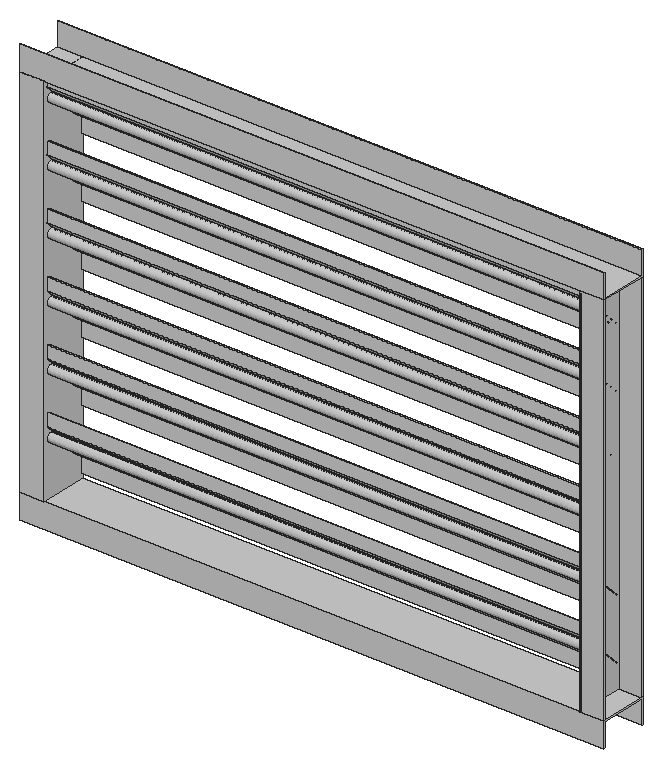
Revit family
Parameters (values of type "SBE-245")
  Width Control = if(Width < Min Width, Min Width, if(Width > Max Width, Max Width, Width))  # 2' - 0"
  Width = 2' - 0"
  Warranty = "http://www.alllite-louvers.com/All-Lite_Warranty.pdf"
  URL = "http://www.alllite-louvers.com/"
  Specifications = "http://www.alllite-louvers.com/catalog/ASBE-245-csi-specification.doc"
  Product URL = "http://www.alllite-louvers.com/catalog.php?model=SBE-245"
  Pressure Loss @ Beginning Point of Water Penetration = "0.08 in. wg."  # constant formula
  Omni Class Title = "Exterior Louvers & Grilles"  # constant formula
  Omni Class Code = "23-60 11 17"  # constant formula
  Mullion = "Visible"  # constant formula
  Maximum Size - Multiple Sections = "Unlimited"  # constant formula
  Free Area Velocity @ Beginning Point of Water Penetration = "383 fpm"  # constant formula
  Free Area = "[48'' x 48'' uniy] : 6.6 ft² 41%"  # constant formula
  Design Load = "30 psf"  # constant formula
  Screen = "1/2'' x .063'' expanded and flattened aluminum"  # constant formula
  Model = "SBE-245"  # constant formula
  Minimum Size = "12'' x 12''"  # constant formula
  Min Width = 1' - 0"  # constant formula
  Min Height = 1' - 0"  # constant formula
  Maximum Size - Single Section = "36'' x 120''"  # constant formula
  Max Width = 3' - 0"  # constant formula
  Max Height = 10' - 0"  # constant formula
  Manufacturer = "All-Lite"  # constant formula
  Louver Count = (Height Control - 0' 2 3/4") / 0' 2 1/2"  # 6
  Louver = Galvannealed Steel
  Height Control = if(Height < Min Height, Min Height, if(Height > Max Height, Max Height, Height))  # 1' - 5 1/2"
  Height = 1' - 5 1/2"
  Frame = "2'' deep x 20 ga thick channel"  # constant formula
  Default Height = 4' - 0"
  Cut Sheet = "http://www.alllite-louvers.com/catalog/ASBE245.pdf"
  Blades = "45° x 20 ga thick J-style BD-exhaust"  # constant formula
  Blade Width = Width Control - 0' 2"  # 1' - 10"
  Blade Height = Height Control - 0' 8 5/16" + 0' 0 235/256"  # 0' - 10 27/256"
  Assembly Code = "B2010300"
  Air Volume Delivered @ Beginning Point of Water Penetration = "2,528 cfm"  # constant formula
  95 CSI = "10200"  # constant formula
  04 CSI = "08 91 00"  # constant formula
Reference planes (in)
  plane 1: y = 0
  plane 2 "Center (Left/Right)": x = 0
  plane 3 "Wall Edge": y = 6
  plane 4: z = 48
  plane 5: x = 12
  plane 6: x = -12
  plane 7: z = 65.5
  plane 8 "blade": y = 4.125
  plane 9 "blade start": z = 50.75
  plane 10: z = 62.75
Forms (in)
  Sweep 1, solid, material "Galvannealed Steel" <- "Louver"
    path origin (0, 6, 96) x (1, 0, 0) y (0, 0, -1)
      loop
        line (12, 48) -> (-12, 48)
    profile "245 frameprofile : 245 frameprofile" origin (0, 6, 48) x (0, 0, -1) y (0, -1, 0)
      loop
        line (-1, 0) -> (0, 0) -> (0, 0.03906) -> (-0.96094, 0.03906) -> (-0.96094, 1.96094) -> (0, 1.96094) -> (0, 2) -> (-1, 2) -> (-1, 0)
  Sweep 2, solid, material "Galvannealed Steel" <- "Louver"
    path origin (0, 6, 0) x (1, 0, 0) y (0, 0, 1)
      loop
        line (-12, 65.5) -> (12, 65.5)
    profile "245 frameprofile : 245 frameprofile" origin (0, 6, 65.5) x (0, 0, 1) y (0, -1, 0)
      loop
        line (-1, 2) -> (-1, 0) -> (0, 0) -> (0, 0.03906) -> (-0.96094, 0.03906) -> (-0.96094, 1.96094) -> (0, 1.96094) -> (0, 2) -> (-1, 2)
  Sweep 3, solid, material "Galvannealed Steel" <- "Louver"
    path origin (0, 6, 0) x (1, 0, 0) y (0, 0, 1)
      loop
        line (12, 64.5) -> (12, 49)
    profile "245 frameprofile : 245 frameprofile" origin (12, 6, 56.75) x (1, 0, 0) y (0, -1, 0)
      loop
        line (-1, 2) -> (-1, 0) -> (0, 0) -> (0, 0.03906) -> (-0.96094, 0.03906) -> (-0.96094, 1.96094) -> (0, 1.96094) -> (0, 2) -> (-1, 2)
  Sweep 4, solid, material "Galvannealed Steel" <- "Louver"
    path origin (0, 6, 0) x (-1, 0, 0) y (0, 0, 1)
      loop
        line (12, 64.5) -> (12, 49)
    profile "245 frameprofile : 245 frameprofile" origin (-12, 6, 56.75) x (1, 0, 0) y (0, -1, 0)
      loop
        line (1, 0) -> (1, 2) -> (0, 2) -> (0, 1.96094) -> (0.96094, 1.96094) -> (0.96094, 0.03906) -> (0, 0.03906) -> (0, 0) -> (1, 0)
Lines and regions (in)
  Opening 1
    outline origin (-60, -6, 0) x (1, 0, 0) y (0, 0, 1)
      loop
        line (72, 65.5) -> (48, 65.5) -> (48, 48) -> (72, 48) -> (72, 65.5)
Text (in)
  text "Placement Side" at (0, 40.15149, 123.01588), in view "Right"
  text "Placement Side" at (-70.3804, 28.46503, 0), in view "Ref. Level"
  text "Placement Side" at (0, 81.62555, 140.59947), in view "Left"
Dimensions and locks (in)
  locked: plane 3 "Wall Edge" to host wall
  "Default Height": level to plane 4
  "Height Control": plane 4 to plane 7
  equal spacing: plane 6, plane 2 "Center (Left/Right)", plane 5
  "Width Control": plane 6 to plane 5
  locked: plane 4 to plane 9 "blade start" at 2.75
  plane 10 to plane 7 = 0' - 2 3/4"
  equal spacing: group 1, group 2, group 3, group 4, group 5, group 6  (x3)
  aligned and locked: plane 7 to Opening 1 sketch curve
  aligned and locked: Opening 1 sketch curve to plane 5
  aligned and locked: Opening 1 sketch curve to plane 4
  aligned and locked: plane 6 to Opening 1 sketch curve
  aligned and locked: Sweep 1 sketch curve to plane 4
  aligned and locked: plane 5 to Sweep 1 sketch curve
  aligned and locked: plane 6 to Sweep 1 sketch curve
  aligned and locked: plane 7 to Sweep 2 sketch curve
  aligned and locked: plane 5 to Sweep 2 sketch curve
  aligned and locked: plane 6 to Sweep 2 sketch curve
  aligned and locked: Sweep 3 sketch curve to Sweep 2
  aligned and locked: Sweep 1 to Sweep 3 sketch curve
  aligned and locked: Sweep 3 sketch curve to plane 5
  aligned and locked: Sweep 1 to Sweep 4 sketch curve
  aligned and locked: plane 9 "blade start" to nested 1
  aligned and locked: Sweep 4 sketch curve to Sweep 2
Automatic sketch dimensions
  plane 6 to Sweep 4 sketch curve = 0' - 0"
Nested families (in)
  nested 1: "245 blade" at (0, 4.125, 50.75) x (1, 0, 0) z (0, 1, 0), type "245 blade"
    with W 1' - 10"
  nested 2: "245 blade" at (0, 4.125, 53.25) x (1, 0, 0) z (0, 1, 0), type "245 blade"
    with W 1' - 10"
  nested 3: "245 blade" at (0, 4.125, 55.75) x (1, 0, 0) z (0, 1, 0), type "245 blade"
    with W 1' - 10"
  nested 4: "245 blade" at (0, 4.125, 58.25) x (1, 0, 0) z (0, 1, 0), type "245 blade"
    with W 1' - 10"
  nested 5: "245 blade" at (0, 4.125, 60.75) x (1, 0, 0) z (0, 1, 0), type "245 blade"
    with W 1' - 10"
  nested 6: "245 blade" at (0, 4.125, 63.25) x (1, 0, 0) z (0, 1, 0), type "245 blade"
    with W 1' - 10"
Definition of nested family "245 blade"
  Parameters (values of type "245 blade")
    W = 3' - 0"
    Louver = Mill finish, 6063-T5 Extruded Aluminum
    Default Elevation = 4' - 0"
  Reference planes (in)
    plane 1 "Center (Front/Back)": y = 0
    plane 2: z = 0
    plane 3 "Center (Left/Right)": x = 0
    plane 4: x = -18
    plane 5: x = 18
    plane 6: y = -0.98997
  Forms (in)
    Extrusion 1, solid
      sketch origin (0, 0, 0) x (1, 0, 0) y (0, 1, 0)
        loop
          line (-48, 48) -> (-48, -48) -> (48, -48) -> (48, 48) -> (-48, 48)
      from 0 to -12
    Sweep 2, solid, material "Mill finish, 6063-T5 Extruded Aluminum" <- "Louver"
      path origin (0, 1.51003, 0.89675) x (1, 0, 0) y (0, 0, 1)
        loop
          line (-18, -0.89675) -> (18, -0.89675)
      profile origin (0, 1.51003, 0) x (0, 0, 1) y (0, -1, 0)
        loop
          line (1.81356, 0) -> (1.81356, 0.7255) -> (0.03906, 2.5) -> (0.03906, 3) -> (0, 3) -> (0, 2.48382) -> (0.25165, 2.23217)
          arc (0.25165, 2.23217) -> (0.25362, 2.2171) -> (0.23955, 2.21133) r 0.01247
          arc (0.23955, 2.21133) -> (0.02302, 2.10447) -> (0.10292, 1.8766) r 0.18211
          arc (0.10292, 1.8766) -> (0.55576, 1.60211) -> (0.98757, 1.29559) r 7.31664
          arc (0.98757, 1.29559) -> (1.18666, 1.12046) -> (1.3602, 0.91997) r 1.9531
          line (1.3602, 0.91997) -> (1.3914, 0.94347)
          arc (1.3914, 0.94347) -> (1.21439, 1.14797) -> (1.01132, 1.3266) r 1.99217
          arc (1.01132, 1.3266) -> (0.62374, 1.60395) -> (0.21901, 1.85561) r 7.3557
          arc (0.21901, 1.85561) -> (0.34245, 1.9336) -> (0.36892, 2.07719) r 0.18211
          arc (0.36892, 2.07719) -> (0.37595, 2.09307) -> (0.39315, 2.09067) r 0.01442
          line (0.39315, 2.09067) -> (1.7745, 0.70932) -> (1.7745, 0) -> (1.81356, 0)
        loop
          circle (0.19162, 2.03565) r 0.14304
  Dimensions and locks (in)
    equal spacing: plane 5, plane 3 "Center (Left/Right)", plane 4
    "W": plane 5 to plane 4
    aligned and locked: plane 2 to Extrusion 1
    aligned and locked: level to Extrusion 1
  Automatic sketch dimensions
    Extrusion 1 sketch curve to Extrusion 1 sketch curve = 8' - 0"  (x2)
    Sweep 2 sketch curve to level = 0' - 0"
    Sweep 2 sketch curve to plane 4 = 0' - 0"
    Sweep 2 sketch curve to plane 5 = 0' - 0"
    Sweep 2 sketch curve to Sweep 2 sketch curve = 0' - 0"  (x15)
    profile plane to Sweep 2 sketch curve = 0' - 0"
    Sweep 2 sketch curve to plane 6 = 0' - 0"
    Sweep 2 sketch curve to profile plane = 0' - 0"
    profile plane to Sweep 2 sketch curve = 0' - 0.19988"
    profile plane to Sweep 2 sketch curve = 0' - 3.46081"
    Sweep 2 sketch curve to profile plane = 0' - 0 5/128"
    Sweep 2 sketch curve to profile plane = 0' - 0.10292"
    Sweep 2 sketch curve to Sweep 2 sketch curve = 0' - 0.0887"
    Sweep 2 sketch curve to Sweep 2 sketch curve = 0' - 0.11609"
    Sweep 2 sketch curve to Sweep 2 sketch curve = 0' - 0.04793"
    Sweep 2 sketch curve to Sweep 2 sketch curve = 0' - 0.00328"
    Sweep 2 sketch curve to Sweep 2 sketch curve = 0' - 0.00881"
    Sweep 2 sketch curve to Sweep 2 sketch curve = 0' - 0.1773"
    Sweep 2 sketch curve to Sweep 2 sketch curve = 0' - 0.01404"
    Sweep 2 sketch curve to Sweep 2 sketch curve = 0' - 0.01019"
    Sweep 2 sketch curve to Sweep 2 sketch curve = 0' - 0.76855"
    Sweep 2 sketch curve to Sweep 2 sketch curve = 0' - 0.02375"
    Sweep 2 sketch curve to Sweep 2 sketch curve = 0' - 0.37263"
    profile plane to Sweep 2 sketch curve = 0' - 0.94347"
    Sweep 2 sketch curve to Sweep 2 sketch curve = 0' - 0.0312"
    Sweep 2 sketch curve to Sweep 2 sketch curve = 0' - 0.38309"
    Sweep 2 sketch curve to Sweep 2 sketch curve = 0' - 0 5/128"
    Sweep 2 sketch curve to profile plane = 0' - 0.25508"
    Sweep 2 sketch curve to Sweep 2 sketch curve = 0' - 0.23415"
    Sweep 2 sketch curve to Sweep 2 sketch curve = 0' - 0.01618"
    plane 6 to Sweep 2 sketch curve = 0' - 0.01618"
    Sweep 2 sketch curve to Sweep 2 sketch curve = 0' - 0 1/2"
    radius of Sweep 2 sketch curve = 0' - 0.14304"
